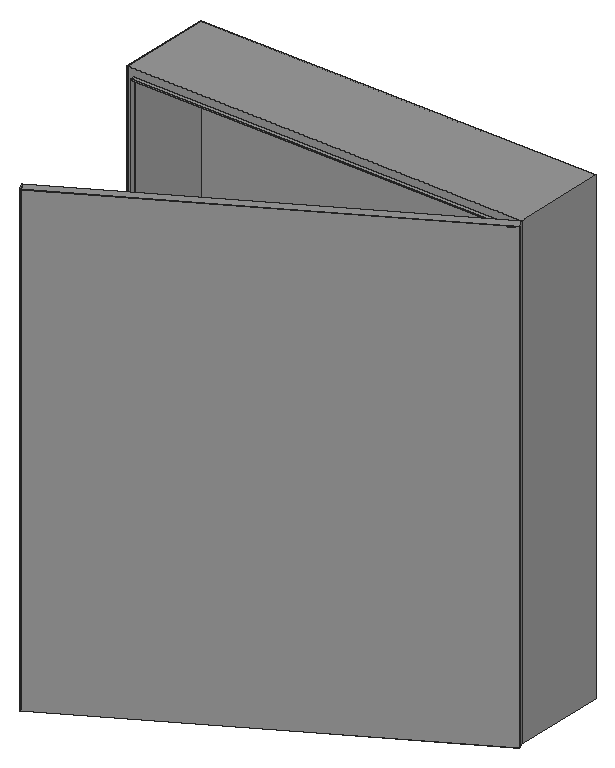
Revit family "Hager-Univers-IP44-D205-H950-Cl.I-Encl-NoHosted-AT-de", category Equipement électrique, Revit 2020
Family settings
  Configuration du panneau = Deux colonnes, circuits au sein
  Cote de connecteur circulaire = Utiliser le diamètre
  Type d'élément = Tableau de raccordement
  Basée sur le plan de construction = Oui
  Toujours verticalement = Oui
  Couper avec des vides une fois chargée = Non
  Partagée = Non
  Point de calcul de pièce = Non
Parameters (values of type "Aufputz IP44 B800 H950 T205  - FP63TN2")
  Width Control [instance] = if([EF000008 - Breite] > Min Width, [EF000008 - Breite], Min Width)  # 800 mm
  Commentaires du type = [HG000003 - Bereich]  # "Univers"
  Thickness Door [instance] = if([EF009171 - Materialstärke Tür/Deckel] > 3 mm, 3 mm, [EF009171 - Materialstärke Tür/Deckel])  # 1 mm
  Seal Frame Offset [instance] = 17 mm  # constant formula
  Plinth Visibility [instance] = [HG000027 - Sockelhöhe] > 0 mm  # no
  Min Width [instance] = 100 mm  # constant formula
  Min Depth [instance] = (2 * [EF009170 - Materialstärke Gehäuse]) + 1 mm  # 3 mm
  Min Height [instance] = 100 mm  # constant formula
  Internal Frame Depth [instance] = (Door System Depth * 0.5)  # 9 mm
  Panel Name [instance] = ""  # (empty or 0)
  Model = ""
  HG000027 - Sockelhöhe = 0 mm
  HG000026 - Stehend auf dem Boden = no
  HG000024 - Höhe des unteren Teils = 600 mm
  HG000023 - Gehäuse mit doppeltem Querschnitt = no
  HG000016 - 3D-Türsichtbarkeit [instance] = yes
  HG000015 - Sichtbarkeit der Türöffnung [instance] = no
  HG000014 - Tür rechts [instance] = yes
  HG000013 - Tür links [instance] = not([HG000014 - Tür rechts])  # no
  HG000012 - Türschwenkwinkel [instance] = 30.00°
  HG000010 - Asymmetrische Türen = no
  HG000009 - Doppelflügeligen Tür = no
  HG000006 - Unterputz = no
  HG000004 - Herstellerreferenz = "FP63TN2"
  HG000003 - Bereich = "Univers"
  HG000002 - Mit tür = yes
  Frame Offset Bottom [instance] = 10 mm  # constant formula
  Frame Offset [instance] = 15 mm  # constant formula
  EF015940 - Deckel mit Überdruckentlastung = no
  EF011959 - Schutzart (NEMA) = ""
  EF009554 - Anzahl der Öffnungen für Flanschplatten = 6
  EF009212 - Ausführung Deckel = "EV000116 - geschlossen"
  EF009171 - Materialstärke Tür/Deckel = 1 mm
  EF009170 - Materialstärke Gehäuse = 1 mm
  EF008873 - Nennstrom (In) = 250 A
  EF007800 - Geeignet für Blitzschutz = no
  EF006306 - Mit Schloss = no
  EF006244 - Transparenter Deckel/Tür = no
  EF005474 - Schutzart (IP) = "EV006418 - IP44"
  EF004464 - Art der Tür = "EV002646 - Einzel"
  EF004427 - Anzahl der Module = 216
  EF004293 - Schlagfestigkeit = "EV006815 - IK09"
  EF003532 - Geeignet für Außengebrauch = no
  EF002950 - Breite in Teilungseinheiten = 36
  EF001613 - Funktionserhalt = "EV000494 - ohne"
  EF001596 - Werkstoff des Gehäuses = "EV000179 - Stahl"
  EF001131 - Innentiefe = 130 mm
  EF001088 - Anbaumöglichkeit = yes
  EF000437 - Anzahl der Leitungseinführungen = 6
  EF000339 - Art der Abdeckung = "EV001012 - Deckel"
  EF000266 - Anzahl der Reihen = 6
  EF000218 - Einbautiefe = 205 mm
  EF000118 - Mit Montageplatte = no
  EF000116 - RAL-Nummer = "9010"
  EF000049 - Tiefe = 205 mm
  EF000040 - Höhe = 950 mm
  EF000008 - Breite = 800 mm
  EF000007 - Farbe = "EV000202 - weiß"
  EF000003 - Montageart = "EV000384 - Aufputz"
  Door System Leaf Tolerance [instance] = 1.5 mm  # constant formula
  Door System Depth [instance] = 18 mm  # constant formula
  Door Height [instance] = Height Control - [HG000027 - Sockelhöhe]  # 950 mm
  Description = ""
  Default Elevation = 1219.2 mm
  Connector Offset [instance] = Height Control / 2  # 475 mm
  Fabricant = "Hager"  # constant formula
  Height Control [instance] = if([EF000040 - Höhe] > Min Height, [EF000040 - Höhe], Min Height)  # 950 mm
  Depth Control [instance] = if([EF000049 - Tiefe] > Min Depth, [EF000049 - Tiefe], Min Depth)  # 205 mm
  Bottom Top Plate Trim [instance] = 1.5 mm  # constant formula
  Plinth height Ctrl [instance] = if([HG000027 - Sockelhöhe] > 0 mm, [HG000027 - Sockelhöhe], 12 mm)  # 12 mm
Types (4, lengths in mm): name | Width Control | HG000009 - Doppelflügeligen Tür | HG000004 - Herstellerreferenz | EF009554 - Anzahl der Öffnungen für Flanschplatten | EF004464 - Art der Tür | EF004427 - Anzahl der Module | EF002950 - Breite in Teilungseinheiten | EF000437 - Anzahl der Leitungseinführungen | EF000008 - Breite
  Aufputz IP44 B1050 H950 T205  - FP64TN2 | 1050 | yes | "FP64TN2" | 8 | "EV003602 - Doppel" | 288 | 48 | 8 | 1050
  Aufputz IP44 B300 H950 T205  - FP61TN2 | 300 | no | "FP61TN2" | 2 | "EV002646 - Einzel" | 72 | 12 | 2 | 300
  Aufputz IP44 B550 H950 T205  - FP62TN2 | 550 | no | "FP62TN2" | 4 | "EV002646 - Einzel" | 144 | 24 | 4 | 550
  Aufputz IP44 B800 H950 T205  - FP63TN2 | 800 | no | "FP63TN2" | 6 | "EV002646 - Einzel" | 216 | 36 | 6 | 800
Reference planes
  plane 1 "Center (Front/Back)": y = 0
  plane 2: z = 0
  plane 3 "Center (Left/Right)": x = 0
  plane 4: y = 0
  plane 5: y = 0
  plane 6: z = 0
  plane 7: x = -400
  plane 8: x = 400
  plane 9: x = 399
  plane 10: x = -399
  plane 11: z = 0
  plane 12: z = 1
  plane 13: y = -205
  plane 14: y = -1
  plane 15: x = 0
  plane 16: y = -187
  plane 17: y = -204
  plane 18: y = -186
  plane 19: x = -384
  plane 20: x = 384
  plane 21: z = 11
  plane 22: x = -383
  plane 23: x = 383
  plane 24: z = 0
  plane 25: z = 950
  plane 26: z = 950
  plane 27: z = 934
  plane 28: z = 949
Forms (mm)
  Extrusion 1, solid, material "Hager_Steel_RAL7035_Light_Grey", detail levels medium+fine
    sketch origin (-208.679, -4572, 0) x (-1, 0, 0) y (0, -1, 0)
      loop
        line (191.321, -4385) -> (-608.679, -4385) -> (-608.679, -4572) -> (191.321, -4572) -> (191.321, -4385)
    from 0 to 950
  Extrusion 2, void
    sketch origin (-350.771, -205, 1219.2) x (1, 0, 0) y (0, 0, 1)
      loop
        line (-48.229, -270.2) -> (-48.229, -1218.2) -> (749.771, -1218.2) -> (749.771, -270.2) -> (-48.229, -270.2)
    from -19 to -204
  Extrusion 3, void
    sketch origin (-290.084, -187, 1219.2) x (1, 0, 0) y (0, 0, 1)
      loop
        line (-93.916, -1208.2) -> (674.084, -1208.2) -> (674.084, -285.2) -> (-93.916, -285.2) -> (-93.916, -1208.2)
    from 0 to -1
  Extrusion 4, solid, material "Hager_Steel_RAL7035_Light_Grey", visible <- "Plinth Visibility", detail levels medium+fine
    sketch origin (0, 0, 0) x (1, 0, 0) y (0, 1, 0)
      loop
        line (-400, 0) -> (-400, -187) -> (400, -187) -> (400, 0) -> (-400, 0)
    from 0 to 12 <- "Plinth height Ctrl"
  Extrusion 5, solid, material "Hager_Steel_RAL7035_Light_Grey", detail levels coarse
    sketch origin (0, 0, 0) x (1, 0, 0) y (0, 1, 0)
      loop
        line (-400, 0) -> (-400, -205) -> (400, -205) -> (400, 0) -> (-400, 0)
    from 0 to 950 <- "Height Control"
  Sweep 6, void
    path in 3D
      loop
        line (-400, -187, 12) -> (400, -187, 12) -> (400, 0, 12) -> (-400, 0, 12) -> (-400, -187, 12)
    profile origin (-400, -93.5, 12) x (1, 0, 0) y (0, 0, 1)
      loop
        line (0, 0) -> (0, -1.5) -> (1.5, -1.5)
        arc (1.5, -1.5) -> (1.061, -0.439) -> (0, 0) r 1.5
  Extrusion 7, solid, material "Hager_Steel_RAL7035_Light_Grey", detail levels fine
    sketch origin (-400, -187, 0) x (1, 0, 0) y (0, 0, 1)
      loop
        line (16, 11) -> (784, 11) -> (784, 934) -> (16, 934) -> (16, 11)
      loop
        line (15, 10) -> (785, 10) -> (785, 935) -> (15, 935) -> (15, 10)
    from 0 to 9 <- "Internal Frame Depth"
Cuts and joins
  Extrusion 2, Extrusion 3 cuts Extrusion 1
  Sweep 6 cuts Extrusion 4
Lines and regions (mm)
  Masking region 1
    outline origin (0, 0, 0) x (1, 0, 0) y (0, 1, 0)
      loop
        line (-400, 0) -> (-400, -205) -> (400, -205) -> (400, 0) -> (-400, 0)
  Masking region 2, detail levels coarse
    outline origin (-290.084, -187, 1219.2) x (-1, 0, 0) y (0, 0, 1)
      loop
        line (-690.084, -1219.2) -> (109.916, -1219.2) -> (109.916, -269.2) -> (-690.084, -269.2) -> (-690.084, -1219.2)
  Masking region 3, detail levels coarse
    outline origin (0, 0, 0) x (0, 1, 0) y (0, 0, 1)
      loop
        line (0, 0) -> (0, 950) -> (-205, 950) -> (-205, 0) -> (0, 0)
  Masking region 4, visible <- "Plinth Visibility", detail levels medium+fine
    outline origin (0, 0, 0) x (0, 1, 0) y (0, 0, 1)
      loop
        line (-1.5, 12) -> (-185.5, 12)
        arc (-185.5, 12) -> (-185.939, 10.939) -> (-187, 10.5) r 1.5
        line (-187, 10.5) -> (-187, 0) -> (0, 0) -> (0, 10.5)
        arc (0, 10.5) -> (-1.061, 10.939) -> (-1.5, 12) r 1.5
  Masking region 5, detail levels medium+fine
    outline origin (0, 0, 594.038) x (0, 1, 0) y (0, 0, 1)
      loop
        line (0, -594.038) -> (0, 355.962) -> (-187, 355.962) -> (-187, -594.038) -> (0, -594.038)
  Masking region 6, detail levels medium+fine
    outline origin (-359.7, -187, 1211.883) x (-1, 0, 0) y (0, 0, 1)
      loop
        line (-759.7, -1211.883) -> (40.3, -1211.883) -> (40.3, -261.883) -> (-759.7, -261.883) -> (-759.7, -1211.883)
  Masking region 7, visible <- "Plinth Visibility", detail levels medium+fine
    outline origin (-320.334, -187, 1041.368) x (-1, 0, 0) y (0, 0, 1)
      loop
        line (-720.334, -1041.368) -> (79.666, -1041.368) -> (79.666, -1030.868)
        arc (79.666, -1030.868) -> (78.606, -1030.429) -> (78.166, -1029.368) r 1.5
        line (78.166, -1029.368) -> (-718.834, -1029.368)
        arc (-718.834, -1029.368) -> (-719.273, -1030.429) -> (-720.334, -1030.868) r 1.5
        line (-720.334, -1030.868) -> (-720.334, -1041.368)
  sketch lines
    curve 1: line (-400, 0, 12) -> (-400, -187, 12)
    curve 2: line (-400, -187, 12) -> (400, -187, 12)
    curve 3: line (400, 0, 12) -> (-400, 0, 12)
    curve 4: line (400, -187, 12) -> (400, 0, 12)
Dimensions and locks
  locked: plane 1 "Center (Front/Back)" to plane 5
  "EF009170 - Materialstärke Gehäuse": plane 7 to plane 10
  "EF009170 - Materialstärke Gehäuse": plane 8 to plane 9
  equal spacing: plane 7, plane 3 "Center (Left/Right)", plane 8
  "Width Control": plane 7 to plane 8
  "Depth Control": plane 4 to plane 13
  "EF009170 - Materialstärke Gehäuse": plane 4 to plane 14
  "Height Control": plane 25 to level
  "HG000027 - Sockelhöhe": plane 11 to level
  "EF009170 - Materialstärke Gehäuse": plane 12 to plane 11
  "EF009170 - Materialstärke Gehäuse": plane 17 to plane 13
  "EF009170 - Materialstärke Gehäuse": plane 18 to plane 16
  "Frame Offset Bottom": plane 21 to plane 12
  "Frame Offset": plane 10 to plane 19
  "Frame Offset": plane 9 to plane 20
  "Door System Depth": plane 16 to plane 13
  "Seal Frame Offset": plane 7 to plane 22
  "Seal Frame Offset": plane 8 to plane 23
  "EF009170 - Materialstärke Gehäuse": plane 26 to plane 28
  "Frame Offset": plane 28 to plane 27
  "Connector Offset": plane 2 to connector elem
  "Bottom Top Plate Trim": profile plane to Sweep 6 sketch curve
  "Bottom Top Plate Trim": Sweep 6 sketch curve to Sweep 6 sketch curve
  "Plinth height Ctrl": Masking region 4 sketch curve to level
  "Plinth height Ctrl": Masking region 7 sketch curve to level
  "Thickness Door": Extrusion 7 sketch curve to Extrusion 7 sketch curve  (x4)
  "Bottom Top Plate Trim": radius of Sweep 6 sketch curve
  "Bottom Top Plate Trim": radius of Masking region 4 sketch curve  (x2)
  "Bottom Top Plate Trim": radius of Masking region 7 sketch curve  (x2)
  aligned and locked: Extrusion 2 sketch curve to plane 12
  aligned and locked: Extrusion 2 sketch curve to plane 9
  aligned and locked: Extrusion 2 sketch curve to plane 10
  aligned and locked: Extrusion 2 to plane 14
  aligned and locked: Extrusion 1 sketch curve to plane 4
  aligned and locked: plane 8 to Extrusion 1 sketch curve
  aligned and locked: plane 7 to Extrusion 1 sketch curve
  aligned and locked: Extrusion 2 to plane 18
  aligned and locked: Extrusion 3 sketch curve to plane 19
  aligned and locked: plane 20 to Extrusion 3 sketch curve
  aligned and locked: Extrusion 3 to Extrusion 2
  aligned and locked: Extrusion 3 sketch curve to plane 21
  aligned and locked: plane 3 "Center (Left/Right)" to nested 1
  aligned and locked: Extrusion 1 sketch curve to plane 16
  aligned and locked: Extrusion 4 sketch curve to cut or joined group of Extrusion 1, Extrusion 2, Extrusion 3
  aligned and locked: Masking region 1 sketch curve to plane 7
  aligned and locked: Masking region 1 sketch curve to plane 5
  aligned and locked: Masking region 1 sketch curve to plane 8
  aligned and locked: Masking region 2 sketch curve to level
  aligned and locked: level to Masking region 3 sketch curve
  aligned and locked: plane 1 "Center (Front/Back)" to Masking region 3 sketch curve
  aligned and locked: plane 13 to Masking region 3 sketch curve
  aligned and locked: plane 5 to Masking region 4 sketch curve
  aligned and locked: Masking region 2 sketch curve to plane 8
  aligned and locked: Masking region 2 sketch curve to plane 7
  aligned and locked: plane 7 to nested 2
  aligned and locked: nested 2 to plane 5
  aligned and locked: plane 5 to Masking region 5 sketch curve
  aligned and locked: plane 26 to Masking region 5 sketch curve
  aligned and locked: Extrusion 5 sketch curve to plane 8
  aligned and locked: Extrusion 5 sketch curve to plane 7
  aligned and locked: Extrusion 5 sketch curve to plane 5
  aligned and locked: Extrusion 3 sketch curve to plane 27
  aligned and locked: Extrusion 2 sketch curve to plane 28
  aligned and locked: Masking region 2 to plane 25
  aligned and locked: Extrusion 4 to plane 16
  aligned and locked: profile plane to Sweep 6 sketch curve
  aligned and locked: Masking region 5 sketch curve to plane 24
  aligned and locked: level to Masking region 4 sketch curve
  aligned and locked: Masking region 1 to plane 13
  aligned and locked: nested 1 to plane 16
  aligned and locked: Masking region 3 to plane 25
  aligned and locked: plane 16 to Masking region 4 sketch curve
  aligned and locked: Masking region 5 sketch curve to plane 16
  aligned and locked: plane 24 to plane 11
  aligned and locked: plane 26 to plane 25
  aligned and locked: plane 26 to cut or joined group of Extrusion 1, Extrusion 2, Extrusion 3
  aligned and locked: nested 1 to plane 24
  aligned and locked: Extrusion 1 to Extrusion 3
  aligned and locked: Masking region 6 sketch curve to plane 8
  aligned and locked: Masking region 6 sketch curve to plane 24
  aligned and locked: Masking region 6 sketch curve to plane 7
  aligned and locked: Masking region 6 sketch curve to plane 26
  aligned and locked: Masking region 7 sketch curve to plane 7
  aligned and locked: level to Masking region 7 sketch curve
  aligned and locked: Masking region 7 sketch curve to plane 8
  aligned and locked: Extrusion 7 sketch curve to cut or joined group of Extrusion 1, Extrusion 2, Extrusion 3  (x4)
Automatic sketch dimensions
  plane 19 to Extrusion 3 sketch curve = 0 mm
  Extrusion 3 sketch curve to plane 20 = 0 mm
  Extrusion 3 sketch curve to plane 21 = 0 mm
  Extrusion 4 sketch curve to plane 7 = 0 mm
  Extrusion 4 sketch curve to plane 8 = 0 mm
  Extrusion 4 sketch curve to plane 16 = 0 mm
  Masking region 1 sketch curve to plane 13 = 0 mm
  Masking region 2 sketch curve to plane 25 = 0 mm
  Masking region 3 sketch curve to plane 25 = 0 mm
  Extrusion 5 sketch curve to plane 13 = 0 mm
  profile plane to Sweep 6 sketch curve = 0 mm
Nested families
  nested 1: "EC000058_Univers_Door" at (0, -187, 0), Double <- "HG000009 - Doppelflügeligen Tür", Transparent <- "EF006244 - Transparenter Deckel/Tür", Angle <- "HG000012 - Türschwenkwinkel", Door_Right <- "HG000014 - Tür rechts", Assymetrical <- "HG000010 - Asymmetrische Türen", Door <- "HG000002 - Mit tür", Width_Ctrl <- "Width Control", 3d_Door <- "HG000016 - 3D-Türsichtbarkeit", Clearance <- "HG000015 - Sichtbarkeit der Türöffnung", Door_Left <- "HG000013 - Tür links", Width <- "Width Control", Door_Depth <- "Door System Depth", Leaf_Tolerance <- "Door System Leaf Tolerance", Height <- "Door Height", Lock_Visibility <- "EF006306 - Mit Schloss", Thickness <- "Thickness Door", type "EC000058_Univers_Door", detail levels medium+fine
    with min_wh 3 mm, Width_Ctrl 800 mm, Width 800 mm, Transparent no, Thickness 1 mm, Seal_Material Hager_Rubber, Lock_Visibility no, Lock_Material Hager_Plastic_RAL9005_Jet_Black, Leaf_Width 800 mm, Leaf_Tolerance_External_Sides 0 mm, Leaf_Tolerance 1.5 mm, Leaf_Offset 0 mm, Leaf_Height 947 mm, Leaf_2_Width 800 mm, Leaf_2_Offset 400 mm, Leaf_1_Width 800 mm, Leaf_1_Offset 400 mm, Height_Ctrl 950 mm, Height 950 mm, Glass_Material Hager_Glass, Double_Clearance_Ctrl no, Double no, Door_Right_Ctrl yes, Door_Right yes, Door_Material Hager_Steel_RAL7035_Light_Grey, Door_Left_Ctrl no, Door_Left no, Door_Depth 18 mm, Door yes, Clearance_Material Hager_Clearance, Clearance_Depth 800 mm, Clearance_Ctrl no, Clearance no, Assymetrical no, Angle 30.00°, 3d_Door yes
  nested 2: "Hager_Enclosure_Symbol" at (-400, 0, 0), Height <- "Depth Control", Width <- "Width Control", type "Hager_Enclosure_Symbol"
    with Width_Ctrl 800 mm, Width 800 mm, Height_Ctrl 205 mm, Height 205 mm, A_Width_Int 13.453 mm, A_Width 161.438 mm, A_Height_Ctrl 179.375 mm, A_Height 179.375 mm
Connectors
  electrical at (0, 0, 475)
    settings: on plane 1 "Center (Front/Back)", index 1, voltage 0 V, apparent load 0 VA, apparent load phase1 0 VA, apparent load phase2 0 VA, apparent load phase3 0 VA, power factor 1, load classification "Other", number of poles 1, system type 30, power factor state 1, is connector primary yes, connector utility no, sub classification motor no, connector description ""
Definition of nested family "EC000058_Univers_Door"
  Parameters (values of type "EC000058_Univers_Door")
    min_wh [instance] = (2 * Thickness) + 1 mm  # 11 mm
    Width_Ctrl [instance] = 400 mm
    Width [instance] = 500 mm
    Transparent [instance] = yes
    Thickness [instance] = 5 mm
    Seal_Material [instance] = none
    Lock_Visibility [instance] = yes
    Lock_Material [instance] = none
    Leaf_Width [instance] = if((Width_Ctrl - 2 * Leaf_Tolerance_External_Sides) > 0 mm, (Width_Ctrl - 2 * Leaf_Tolerance_External_Sides), min_wh)  # 400 mm
    Leaf_Tolerance_External_Sides [instance] = 0 mm  # constant formula
    Leaf_Tolerance [instance] = 1.5 mm
    Leaf_Offset [instance] = 0 mm  # constant formula
    Leaf_Height [instance] = if((Height_Ctrl - 2 * Leaf_Tolerance) > 0 mm, (Height_Ctrl - 2 * Leaf_Tolerance), min_wh)  # 497 mm
    Leaf_2_Width [instance] = if(and(and(Double, Assymetrical), Door_Left), (Leaf_Width / 3) - (Leaf_Tolerance / 2), if(and(and(Double, Assymetrical), Door_Right), (Leaf_Width / 3) * 2 - (Leaf_Tolerance / 2), if(and(Double, not(Assymetrical)), (Leaf_Width / 2) - Leaf_Tolerance, Leaf_Width)))  # 400 mm
    Leaf_2_Offset [instance] = if(and(Double, Assymetrical), Leaf_2_Width / 2, if(and(Double, not(Assymetrical)), Leaf_Width / 4, Leaf_Width / 2))  # 200 mm
    Leaf_1_Width [instance] = if(and(and(Double, Assymetrical), Door_Right), (Leaf_Width / 3) - (Leaf_Tolerance / 2), if(and(and(Double, Assymetrical), Door_Left), (Width / 3) * 2 - (Leaf_Tolerance / 2), if(and(Double, not(Assymetrical)), (Leaf_Width / 2) - Leaf_Tolerance, Leaf_Width)))  # 400 mm
    Leaf_1_Offset [instance] = if(and(Double, Assymetrical), Leaf_1_Width / 2, if(and(Double, not(Assymetrical)), Leaf_Width / 4, Leaf_Width / 2))  # 200 mm
    Height_Ctrl [instance] = if(Height > min_wh, Height, min_wh)  # 500 mm
    Height [instance] = 500 mm
    Glass_Material [instance] = none
    Double_Clearance_Ctrl [instance] = and(Double, Clearance)  # no
    Double [instance] = no
    Door_Right_Ctrl [instance] = and(or(Door_Right, Double), Door)  # yes
    Door_Right [instance] = yes
    Door_Material [instance] = none
    Door_Left_Ctrl [instance] = and(or(Door_Left, Double), Door)  # no
    Door_Left [instance] = no
    Door_Depth [instance] = 30 mm
    Door [instance] = yes
    Default Elevation = 1219.2 mm
    Clearance_Material [instance] = none
    Clearance_Depth [instance] = if(Leaf_1_Width > Leaf_2_Width, Leaf_1_Width, Leaf_2_Width)  # 400 mm
    Clearance_Ctrl [instance] = and(not(Double), Clearance)  # yes
    Clearance [instance] = yes
    Assymetrical [instance] = yes
    Angle [instance] = 30.00°
    3d_Door [instance] = yes
  Reference planes
    plane 1 "Center (Front/Back)": y = 0
    plane 2 "Bottom": z = 0
    plane 3 "Center (Left/Right)": x = 0
    plane 4: z = 500
    plane 5: x = -200
    plane 6: x = 200
    plane 7: z = 500
    plane 8: x = -200
    plane 9: z = 0
    plane 10: x = 200
    plane 11: y = 0
    plane 12: z = 1.5
    plane 13: x = -600
    plane 14: y = -400
    plane 15: x = 600
    plane 16: x = 0
    plane 17: x = 0
    plane 18: x = -200
    plane 19: x = 200
    plane 20: z = 498.5
  Forms (mm)
    Extrusion 1, solid, material <- "Clearance_Material", visible <- "Double_Clearance_Ctrl"
      sketch origin (1200, 0, 0) x (1, 0, 0) y (0, 0, -1)
        loop
          line (-1800, -498.5) -> (-600, -498.5) -> (-600, 0) -> (-1800, 0) -> (-1800, -498.5)
      from 0 to -400
  Dimensions and locks
    equal spacing: plane 5, plane 3 "Center (Left/Right)", plane 6
    "Width_Ctrl": plane 5 to plane 6
    "Leaf_Offset": plane 5 to plane 8
    "Leaf_Offset": plane 6 to plane 10
    "Leaf_Offset": plane 9 to level
    "Leaf_Offset": plane 4 to plane 7
    "Height_Ctrl": plane 4 to level
    "Leaf_Tolerance": plane 12 to plane 9
    locked: plane 11 to plane 1 "Center (Front/Back)"
    "Leaf_1_Offset": plane 18 to plane 16
    "Leaf_2_Offset": plane 17 to plane 19
    "Leaf_1_Width": plane 13 to plane 8
    "Leaf_2_Width": plane 10 to plane 15
    "Clearance_Depth": plane 14 to plane 1 "Center (Front/Back)"
    "Leaf_Tolerance_External_Sides": plane 8 to plane 18
    "Leaf_Tolerance_External_Sides": plane 19 to plane 10
    "Leaf_Tolerance": plane 7 to plane 20
    aligned and locked: level to plane 2 "Bottom"
    aligned and locked: nested 1 to plane 16
    aligned and locked: nested 2 to plane 17
    aligned and locked: Extrusion 1 to plane 13
    aligned and locked: plane 15 to Extrusion 1
    aligned and locked: Extrusion 1 to plane 14
    aligned and locked: plane 12 to nested 1
    aligned and locked: nested 2 to plane 12
    aligned and locked: Extrusion 1 to plane 11
    aligned and locked: plane 20 to Extrusion 1
    aligned and locked: nested 2 to plane 11
    aligned and locked: nested 1 to plane 11
  Automatic sketch dimensions
    Extrusion 1 sketch curve to level = 0 mm
    plane 5 to Extrusion 1 sketch curve = 400 mm
    plane 6 to Extrusion 1 sketch curve = 400 mm
    Extrusion 1 sketch curve to plane 4 = 1.5 mm
  Nested families
    nested 1: "EC000058_Univers_Door_Leaf" at (0, 0, 1.5), Width <- "Leaf_1_Width", visible <- "Door_Left_Ctrl", Leaf_Height <- "Leaf_Height", Angle <- "Angle", 3d_Door <- "3d_Door", Transparent <- "Transparent", Clearance Material <- "Clearance_Material", Clearance <- "Clearance_Ctrl", Door_Material <- "Door_Material", Glass_Material <- "Glass_Material", Door_Depth <- "Door_Depth", Lock_Material <- "Lock_Material", Seal_Material <- "Seal_Material", Lock_Visibility <- "Lock_Visibility", Thickness <- "Thickness", type "EC000058_Univers_Door_Leaf"
      with Width 400 mm, Transparent_Glass_Offset 30 mm, Transparent_Ctrl yes, Transparent yes, Thickness 5 mm, Standard no, Seal_Material none, Seal_D2 8 mm, Seal_D1 1 mm, Offset_Internal_Frame 10 mm, Lock_Width 20 mm, Lock_Visibility_3d yes, Lock_Visibility yes, Lock_Thickness_3 3 mm, Lock_Thickness_2 1 mm, Lock_Thickness_1 3 mm, Lock_Radius_Offset_2 16 mm, Lock_Radius_Offset_1 15 mm, Lock_Radius_2 5 mm, Lock_Radius 6 mm, Lock_Offset 5 mm, Lock_Material none, Lock_Height 80 mm, Lock_Cover_Top_Offset_2d 17 mm, Lock_Cover_Height -65 mm, Leaf_Height 497 mm, Internal_Seal_Thickness 8 mm, Internal_Seal_Depth_2 4.5 mm, Internal_Frame_Depth 25 mm, Glass_Thickness -1 mm, Glass_Offset -2 mm, Glass_Material none, Door_Material none, Door_Depth 30 mm, Clearance Material none, Clearance yes, Angle_Ctrl 30.00°, Angle 30.00°, 3d_Door yes
    nested 2: "EC000058_Univers_Door_Leaf" at (0, 0, 1.5) x (-1, 0, 0) z (0, 0, 1), Width <- "Leaf_2_Width", visible <- "Door_Right_Ctrl", Leaf_Height <- "Leaf_Height", Angle <- "Angle", 3d_Door <- "3d_Door", Transparent <- "Transparent", Clearance Material <- "Clearance_Material", Clearance <- "Clearance_Ctrl", Door_Material <- "Door_Material", Glass_Material <- "Glass_Material", Door_Depth <- "Door_Depth", Lock_Material <- "Lock_Material", Seal_Material <- "Seal_Material", Lock_Visibility <- "Lock_Visibility", Thickness <- "Thickness", type "EC000058_Univers_Door_Leaf"
      with Width 400 mm, Transparent_Glass_Offset 30 mm, Transparent_Ctrl yes, Transparent yes, Thickness 5 mm, Standard no, Seal_Material none, Seal_D2 8 mm, Seal_D1 1 mm, Offset_Internal_Frame 10 mm, Lock_Width 20 mm, Lock_Visibility_3d yes, Lock_Visibility yes, Lock_Thickness_3 3 mm, Lock_Thickness_2 1 mm, Lock_Thickness_1 3 mm, Lock_Radius_Offset_2 16 mm, Lock_Radius_Offset_1 15 mm, Lock_Radius_2 5 mm, Lock_Radius 6 mm, Lock_Offset 5 mm, Lock_Material none, Lock_Height 80 mm, Lock_Cover_Top_Offset_2d 17 mm, Lock_Cover_Height -65 mm, Leaf_Height 497 mm, Internal_Seal_Thickness 8 mm, Internal_Seal_Depth_2 4.5 mm, Internal_Frame_Depth 25 mm, Glass_Thickness -1 mm, Glass_Offset -2 mm, Glass_Material none, Door_Material none, Door_Depth 30 mm, Clearance Material none, Clearance yes, Angle_Ctrl 30.00°, Angle 30.00°, 3d_Door yes
  Definition of nested family "EC000058_Univers_Door_Leaf"
    Parameters (values of type "EC000058_Univers_Door_Leaf")
      Width [instance] = 2000 mm
      Transparent_Glass_Offset [instance] = 30 mm
      Transparent_Ctrl [instance] = and(Transparent, [3d_Door])  # yes
      Transparent [instance] = yes
      Thickness [instance] = 5 mm
      Standard [instance] = and(not(Transparent), [3d_Door])  # no
      Seal_Material [instance] = none
      Seal_D2 [instance] = 8 mm  # constant formula
      Seal_D1 [instance] = 1 mm  # constant formula
      Offset_Internal_Frame [instance] = 10 mm  # constant formula
      Lock_Width [instance] = 20 mm  # constant formula
      Lock_Visibility_3d [instance] = and(Lock_Visibility, [3d_Door])  # yes
      Lock_Visibility [instance] = yes
      Lock_Thickness_3 [instance] = 3 mm  # constant formula
      Lock_Thickness_2 [instance] = 1 mm  # constant formula
      Lock_Thickness_1 [instance] = 3 mm  # constant formula
      Lock_Radius_Offset_2 [instance] = Lock_Radius_Offset_1 + 1 mm  # 16 mm
      Lock_Radius_Offset_1 [instance] = 15 mm  # constant formula
      Lock_Radius_2 [instance] = Lock_Radius - 1 mm  # 5 mm
      Lock_Radius [instance] = 6 mm  # constant formula
      Lock_Offset [instance] = 5 mm  # constant formula
      Lock_Material [instance] = none
      Lock_Height [instance] = 80 mm  # constant formula
      Lock_Cover_Top_Offset_2d [instance] = Lock_Radius_Offset_2 + 1 mm  # 17 mm
      Lock_Cover_Height [instance] = -(Lock_Height - Lock_Radius_Offset_1)  # -65 mm
      Leaf_Height [instance] = 2720.336 mm
      Internal_Seal_Thickness [instance] = 8 mm  # constant formula
      Internal_Seal_Depth_2 [instance] = 4.5 mm  # constant formula
      Internal_Frame_Depth [instance] = if(Door_Depth - Thickness > 5 mm, Door_Depth - Thickness, 5 mm)  # 25 mm
      Glass_Thickness [instance] = if(Thickness > 15 mm, Glass_Offset + 10 mm, -1 mm)  # -1 mm
      Glass_Offset [instance] = if(Thickness > 15 mm, -(Thickness + 10 mm) / 2, -2 mm)  # -2 mm
      Glass_Material [instance] = none
      Door_Material [instance] = none
      Door_Depth [instance] = 30 mm
      Default Elevation = 0 mm
      Clearance Material [instance] = none
      Clearance [instance] = yes
      Angle_Ctrl [instance] = if(Angle > 180.00°, 180.00°, Angle)  # 90.00°
      Angle [instance] = 90.00°
      3d_Door [instance] = yes
    Reference planes
      plane 1 "Center (Front/Back)": y = 0
      plane 2: z = 0
      plane 3 "Center (Left/Right)": x = 0
      plane 4: y = 2000
      plane 5: x = -1000
      plane 6: x = 1000
      plane 7: x = -3000
      plane 8: z = 2720.336
      plane 9: z = 30
      plane 10: z = 2690.336
      plane 11: x = 970
      plane 12: x = -970
      plane 13: y = -3
      plane 14: z = 107.833
      plane 15: y = -5
      plane 16: y = -223.314
      plane 17: x = -1000
      plane 18: z = 1360.168
      plane 19: y = 30
    Forms (mm)
      Extrusion 1, solid, material <- "Clearance Material", visible <- "Clearance"
        sketch origin (0, 0, 0) x (1, 0, 0) y (0, 0, 1)
          loop
            line (-3000, 2720.336) -> (-3000, 0) -> (1000, 0) -> (1000, 2720.336) -> (-3000, 2720.336)
        from 0 to -2000
      Extrusion 2, solid, material <- "Door_Material", visible <- "Standard", detail levels medium+fine
        sketch origin (-1000, 0, 0) x (0, 1, 0) y (-1, 0, 0)
          loop
            line (0, 30) -> (0, 25) -> (2000, 25) -> (2000, 30) -> (0, 30)
        from 0 to 2720.336 <- "Leaf_Height"
      Extrusion 3, solid, material <- "Door_Material", visible <- "Transparent_Ctrl", detail levels medium+fine
        sketch origin (-1000, 0, 0) x (0, 1, 0) y (-1, 0, 0)
          loop
            line (0, 25) -> (2000, 25) -> (2000, 30) -> (0, 30) -> (0, 25)
        from 0 to 2720.336 <- "Leaf_Height"
      Extrusion 4, void
        sketch origin (-1025, 2000, 0) x (0, 1, 0) y (0, 0, -1)
          loop
            line (-30, -2690.336) -> (-30, -30) -> (-1970, -30) -> (-1970, -2690.336) -> (-30, -2690.336)
        from 0 to 5 <- "Thickness"
      Sweep 5, solid, material <- "Seal_Material", visible <- "Transparent_Ctrl", detail levels fine
        path in 3D
          loop
            line (-1025, 30, 30) -> (-1025, 30, 2690.336) -> (-1025, 1970, 2690.336) -> (-1025, 1970, 30) -> (-1025, 30, 30)
        profile origin (-1025, 1000, 30) x (1, 0, 0) y (0, 0, 1)
          loop
            line (0, 0) -> (0, -8) -> (1, -8) -> (1, 0) -> (0, 0)
      Extrusion 6, solid, material <- "Glass_Material", visible <- "Transparent_Ctrl", detail levels medium+fine
        sketch origin (-1030, 0, 0) x (0, 1, 0) y (0, 0, -1)
          loop
            line (1970, -2690.336) -> (1970, -30) -> (30, -30) -> (30, -2690.336) -> (1970, -2690.336)
        from -2 <- "Glass_Offset" to -1 <- "Glass_Thickness"
      Extrusion 7, solid, material <- "Door_Material", visible <- "3d_Door", detail levels medium+fine
        sketch origin (-1025, 2000, 0) x (0, -1, 0) y (0, 0, -1)
          loop
            line (0, -2720.336) -> (2000, -2720.336) -> (2000, 0) -> (0, 0) -> (0, -2720.336)
          loop
            line (1995, -5) -> (5, -5) -> (5, -2715.336) -> (1995, -2715.336) -> (1995, -5)
        from 0 to 25 <- "Internal_Frame_Depth"
      Sweep 8, solid, material <- "Seal_Material", visible <- "Transparent_Ctrl", detail levels fine
        path in 3D
          loop
            line (-1025, 0, 0) -> (-1025, 2000, 0) -> (-1025, 2000, 2720.336) -> (-1025, 0, 2720.336) -> (-1025, 0, 0)
        profile origin (-1025, 0, 1360.168) x (1, 0, 0) y (0, 1, 0)
          loop
            line (0, 10) -> (2.975, 10)
            arc (2.975, 10) -> (4.053, 10.447) -> (4.5, 11.525) r 1.525
            line (4.5, 11.525) -> (4.5, 16.527)
            arc (4.5, 16.527) -> (4.069, 17.569) -> (3.027, 18) r 1.473
            line (3.027, 18) -> (0, 18) -> (0, 10)
      Extrusion 9, solid, material <- "Lock_Material", visible <- "Lock_Visibility_3d", detail levels fine
        sketch origin (-1030, 0, 0) x (0, 1, 0) y (0, 0, -1)
          loop
            arc (1993.5, -1400.168) -> (1994.561, -1399.729) -> (1995, -1398.668) r 1.5
            line (1995, -1398.668) -> (1995, -1320.168) -> (1975, -1320.168) -> (1975, -1398.668)
            arc (1975, -1398.668) -> (1975.439, -1399.729) -> (1976.5, -1400.168) r 1.5
            line (1976.5, -1400.168) -> (1993.5, -1400.168)
        from 3 <- "Lock_Thickness_1" to 0
      Blend 10, solid, material <- "Lock_Material", visible <- "Lock_Visibility_3d", detail levels fine
        base sketch origin (-1033, 0, 0) x (0, 1, 0) y (0, 0, -1)
          loop
            line (1975, -1320.168) -> (1975, -1398.668)
            arc (1975, -1398.668) -> (1975.439, -1399.729) -> (1976.5, -1400.168) r 1.5
            line (1976.5, -1400.168) -> (1993.5, -1400.168)
            arc (1993.5, -1400.168) -> (1994.561, -1399.729) -> (1995, -1398.668) r 1.5
            line (1995, -1398.668) -> (1995, -1320.168) -> (1975, -1320.168)
        top sketch origin (-1033, 0, 0) x (0, 1, 0) y (0, 0, -1)
          loop
            line (1976, -1320.168) -> (1976, -1398.668)
            arc (1976, -1398.668) -> (1976.146, -1399.022) -> (1976.5, -1399.168) r 0.5
            line (1976.5, -1399.168) -> (1993.5, -1399.168)
            arc (1993.5, -1399.168) -> (1993.854, -1399.022) -> (1994, -1398.668) r 0.5
            line (1994, -1398.668) -> (1994, -1320.168) -> (1976, -1320.168)
        from 0 to 1 <- "Lock_Thickness_2"
      Blend 11, solid, material <- "Lock_Material", visible <- "Lock_Visibility_3d", detail levels fine
        base sketch origin (-1034, 0, 0) x (0, 1, 0) y (0, 0, -1)
          loop
            line (1978, -1320.168) -> (1978, -1384.168)
            arc (1978, -1384.168) -> (1985, -1391.168) -> (1992, -1384.168) r 7
            line (1992, -1384.168) -> (1992, -1320.168) -> (1978, -1320.168)
        top sketch origin (-1034, 0, 0) x (0, 1, 0) y (0, 0, -1)
          loop
            line (1991, -1320.168) -> (1979, -1320.168) -> (1979, -1383.168)
            arc (1979, -1383.168) -> (1985, -1389.168) -> (1991, -1383.168) r 6
            line (1991, -1383.168) -> (1991, -1320.168)
        from 0 to 3 <- "Lock_Thickness_3"
      Extrusion 12, solid, material <- "Lock_Material", visible <- "Lock_Visibility_3d", detail levels fine
        sketch origin (-1030, 1975, 1320.168) x (1, 0, 0) y (0, -1, 0)
          loop
            line (-7, -19) -> (-7, -1) -> (0, -1) -> (0, 0) -> (-8, 0) -> (-8, -20) -> (0, -20) -> (0, -19) -> (-7, -19)
        from 0 to -65 <- "Lock_Cover_Height"
      Extrusion 13, void
        sketch origin (-1038, 1995, 1320.168) x (-1, 0, 0) y (0, 0, -1)
          loop
            line (-5, -65) -> (0, -65) -> (-5, -60) -> (-5, -65)
        from 0 to 20 <- "Lock_Width"
      Extrusion 14, void
        sketch origin (-1038, 1975, 1320.168) x (0, -1, 0) y (0, 0, -1)
          loop
            circle (-10, -15.995) r 6
          loop
            circle (-10, -15.995) r 5
        from 0 to 2
      Extrusion 15, solid, material <- "Lock_Material", visible <- "Lock_Visibility_3d", detail levels medium
        sketch origin (-1030, 0, 0) x (0, 1, 0) y (0, 0, -1)
          loop
            arc (1993.5, -1400.168) -> (1994.561, -1399.729) -> (1995, -1398.668) r 1.5
            line (1995, -1398.668) -> (1995, -1320.168) -> (1975, -1320.168) -> (1975, -1398.668)
            arc (1975, -1398.668) -> (1975.439, -1399.729) -> (1976.5, -1400.168) r 1.5
            line (1976.5, -1400.168) -> (1993.5, -1400.168)
        from 8 to 0
    Cuts and joins
      Extrusion 4 cuts Extrusion 3
      Extrusion 13, Extrusion 14 cuts Extrusion 9
      Extrusion 14 cuts Blend 11
      Extrusion 13, Extrusion 14 cuts Extrusion 12
      joined: Extrusion 9, Blend 10, Blend 11, Extrusion 12
      Extrusion 14 cuts Extrusion 15
    Lines and regions (mm)
      Masking region 1, visible <- "Lock_Visibility", detail levels fine
        outline origin (0, 0, 0) x (0, 1, 0) y (0, 0, 1)
          loop
            line (30, 1320.168) -> (33, 1320.168) -> (33, 1400.168) -> (30, 1400.168) -> (30, 1320.168)
      Masking region 2, visible <- "Lock_Visibility", detail levels fine
        outline origin (0, 3.143, 0) x (0, 1, 0) y (0, 0, 1)
          loop
            line (29.857, 1354.168) -> (30.857, 1354.168) -> (30.857, 1366.168) -> (29.857, 1366.168) -> (29.857, 1354.168)
      Masking region 3, detail levels medium+fine
        outline origin (0, 0, 0) x (0, 1, 0) y (0, 0, 1)
          loop
            line (0, 0) -> (30, 0) -> (30, 2720.336) -> (0, 2720.336) -> (0, 0)
      Masking region 4, detail levels medium+fine
        outline origin (0, 0, 0) x (1, 0, 0) y (0, 0, 1)
          loop
            line (-1000, 2720.336) -> (-1000, 0) -> (1000, 0) -> (1000, 2720.336) -> (-1000, 2720.336)
      Masking region 5, visible <- "Lock_Visibility", detail levels fine
        outline origin (-47.116, 0, 0) x (1, 0, 0) y (0, 0, 1)
          loop
            arc (1024.616, 1399.168) -> (1023.556, 1398.729) -> (1023.116, 1397.668) r 1.5
            line (1023.116, 1397.668) -> (1023.116, 1320.168) -> (1041.116, 1320.168) -> (1041.116, 1397.668)
            arc (1041.116, 1397.668) -> (1040.677, 1398.729) -> (1039.616, 1399.168) r 1.5
            line (1039.616, 1399.168) -> (1024.616, 1399.168)
      Masking region 6, visible <- "Lock_Visibility", detail levels medium+fine
        outline origin (-25, 0, 0) x (1, 0, 0) y (0, 0, 1)
          loop
            arc (1001.5, 1400.168) -> (1000.439, 1399.729) -> (1000, 1398.668) r 1.5
            line (1000, 1398.668) -> (1000, 1320.168) -> (1020, 1320.168) -> (1020, 1398.668)
            arc (1020, 1398.668) -> (1019.561, 1399.729) -> (1018.5, 1400.168) r 1.5
            line (1018.5, 1400.168) -> (1001.5, 1400.168)
      Masking region 7, visible <- "Lock_Visibility", detail levels fine
        outline origin (-73.735, 0, 0) x (1, 0, 0) y (0, 0, 1)
          loop
            line (1051.735, 1382.168) -> (1065.735, 1382.168) -> (1065.735, 1384.168)
            arc (1065.735, 1384.168) -> (1058.735, 1391.168) -> (1051.735, 1384.168) r 7
            line (1051.735, 1384.168) -> (1051.735, 1382.168)
      Masking region 8, visible <- "Lock_Visibility", detail levels fine
        outline origin (-73.735, 0, 0) x (1, 0, 0) y (0, 0, 1)
          loop
            line (1052.735, 1382.168) -> (1064.735, 1382.168) -> (1064.735, 1383.168)
            arc (1064.735, 1383.168) -> (1058.735, 1389.168) -> (1052.735, 1383.168) r 6
            line (1052.735, 1383.168) -> (1052.735, 1382.168)
      Masking region 9, visible <- "Lock_Visibility", detail levels fine
        outline origin (-25, 0, 0) x (1, 0, 0) y (0, 0, 1)
          loop
            line (1020, 1320.168) -> (1020, 1382.168) -> (1000, 1382.168) -> (1000, 1320.168) -> (1020, 1320.168)
      Masking region 10, detail levels medium+fine
        outline origin (0, 0, 0) x (1, 0, 0) y (0, 0, 1)
          loop
            circle (985, 1335.144) r 6
      Masking region 11, detail levels fine
        outline origin (0, 0, 0) x (1, 0, 0) y (0, 0, 1)
          loop
            circle (985, 1335.144) r 5
      Masking region 12, visible <- "Lock_Visibility", detail levels fine
        outline origin (0, 12.767, 0) x (0, 1, 0) y (0, 0, 1)
          loop
            line (20.233, 1320.168) -> (21.233, 1320.168) -> (21.233, 1399.168) -> (20.233, 1400.168) -> (20.233, 1320.168)
      Masking region 13, visible <- "Lock_Visibility", detail levels fine
        outline origin (0, 13.767, -10) x (0, 1, 0) y (0, 0, 1)
          loop
            line (20.233, 1330.168) -> (23.233, 1330.168) -> (23.233, 1399.168) -> (20.233, 1402.168) -> (20.233, 1330.168)
      Masking region 14, visible <- "Lock_Visibility", detail levels fine
        outline origin (0, 12.767, -10) x (0, 1, 0) y (0, 0, 1)
          loop
            line (20.233, 1330.168) -> (25.233, 1330.168) -> (25.233, 1399.305) -> (20.233, 1394.305) -> (20.233, 1330.168)
      Masking region 15, visible <- "Lock_Visibility", detail levels medium
        outline origin (0, 0, 0) x (0, 1, 0) y (0, 0, 1)
          loop
            line (30, 1320.168) -> (38, 1320.168) -> (38, 1400.168) -> (30, 1400.168) -> (30, 1320.168)
      Masking region 16, visible <- "Lock_Visibility", detail levels fine
        outline origin (-1000, 0, 0) x (0, 1, 0) y (-1, 0, 0)
          loop
            line (1975, 30) -> (1995, 30) -> (1995, 38) -> (1975, 38) -> (1975, 30)
          loop
            line (1979, 37) -> (1976, 37) -> (1976, 34) -> (1978, 34) -> (1979, 37)
          loop
            line (1994, 37) -> (1991, 37) -> (1992, 34) -> (1994, 34) -> (1994, 37)
      Masking region 17, visible <- "Lock_Visibility", detail levels medium
        outline origin (-1000, 0, 0) x (0, 1, 0) y (-1, 0, 0)
          loop
            line (1975, 30) -> (1995, 30) -> (1995, 38) -> (1975, 38) -> (1975, 30)
      symbolic lines
        curve 1: line (1000, 0, 0) -> (-3000, 0, 0)
        curve 2: arc (1000, 0, 0) -> (-1000, 2000, 0) -> (-3000, 0, 0) r 2000
        curve 4: line (-1030, 0, 0) -> (-1030, 2000, 0)
      reference lines
        curve 3: line (-1000, 0, 0) -> (-1000, 2000, 0)
      symbolic lines, detail levels medium+fine
        curve 5: line (-1030, 2000, 0) -> (-1025, 2000, 0)
        curve 7: line (-1025, 0, 0) -> (-1030, 0, 0)
        curve 8: line (-1025, 0, 0) -> (-1000, 0, 0)
        curve 9: line (-1000, 0, 0) -> (-1000, 2000, 0)
        curve 10: line (-1000, 2000, 0) -> (-1025, 2000, 0)
      symbolic lines, detail levels fine
        curve 6: line (-1025, 2000, 0) -> (-1025, 0, 0)
      sketch lines
        curve 11: line (-1025, 0, 2720.336) -> (-1025, 0, 0)
        curve 12: line (-1025, 2000, 0) -> (-1025, 0, 0)
        curve 13: line (-1025, 2000, 2720.336) -> (-1025, 2000, 0)
        curve 14: line (-1025, 0, 2720.336) -> (-1025, 2000, 2720.336)
        curve 15: line (-1025, 1970, 30) -> (-1025, 30, 30)
        curve 16: line (-1025, 30, 30) -> (-1025, 30, 2690.336)
        curve 17: line (-1025, 1970, 2690.336) -> (-1025, 1970, 30)
        curve 18: line (-1025, 30, 2690.336) -> (-1025, 1970, 2690.336)
      symbolic lines, visible <- "Transparent", detail levels medium+fine
        curve 19: line (-970, 0, 2690.336) -> (970, 0, 2690.336)
        curve 20: line (-970, 0, 30) -> (-970, 0, 2690.336)
        curve 21: line (970, 0, 30) -> (-970, 0, 30)
        curve 22: line (970, 0, 2690.336) -> (970, 0, 30)
    Dimensions and locks
      "Width": plane 1 "Center (Front/Back)" to plane 4
      equal spacing: plane 5, plane 3 "Center (Left/Right)", plane 6
      "Width": plane 5 to plane 6
      "Width": plane 7 to plane 5
      "Leaf_Height": plane 8 to level
      "Width": curve 5 to curve 3
      "Width": curve 3 to curve 3
      plane 8 to plane 10 = 30 mm
      plane 9 to level = 30 mm
      plane 12 to plane 5 = 30 mm
      plane 6 to plane 11 = 30 mm
      Extrusion 1 to Extrusion 4 sketch curve = 30 mm
      "Transparent_Glass_Offset": curve 3 to Extrusion 4 sketch curve
      "Transparent_Glass_Offset": Extrusion 4 sketch curve to cut or joined group of Extrusion 3, Extrusion 4  (x2)
      cut or joined group of Extrusion 3, Extrusion 4 to Extrusion 6 sketch curve = 30 mm
      "Transparent_Glass_Offset": cut or joined group of Extrusion 3, Extrusion 4 to Extrusion 4 sketch curve
      "Thickness": curve 6 to curve 4
      "Thickness": Extrusion 7 sketch curve to Extrusion 7 sketch curve  (x4)
      "Door_Depth": curve 4 to curve 3
      "Offset_Internal_Frame": profile plane to Sweep 8 sketch curve
      "Internal_Seal_Thickness": Sweep 8 sketch curve to Sweep 8 sketch curve
      "Internal_Seal_Depth_2": profile plane to Sweep 8 sketch curve
      "Seal_D1": profile plane to Sweep 5 sketch curve
      "Seal_D2": profile plane to Sweep 5 sketch curve
      "Thickness": Extrusion 2 sketch curve to Extrusion 2 sketch curve
      equal spacing: Extrusion 9 sketch curve, plane 18, Extrusion 9 sketch curve  (x2)
      equal spacing: Masking region 1 sketch curve, plane 18, Masking region 1 sketch curve
      "Lock_Height": Masking region 1 sketch curve to Masking region 1 sketch curve
      "Lock_Radius": Masking region 2 sketch curve to plane 18 to Masking region 2 sketch curve
      Masking region 2 sketch curve to Masking region 1 = 1 mm
      "Door_Depth": plane 19 to plane 1 "Center (Front/Back)"
      "Lock_Thickness_1": Masking region 1 sketch curve to plane 19
      "Lock_Width": Extrusion 9 sketch curve to Extrusion 9 sketch curve
      "Lock_Height": Extrusion 9 sketch curve to Extrusion 9 sketch curve
      "Lock_Offset": cut or joined group of Extrusion 3, Extrusion 4 to Extrusion 9 sketch curve
      equal spacing: plane 8, plane 18, level
      "Lock_Radius_Offset_1": Blend 11 sketch curve to Blend 10
      locked: Blend 10 to Blend 11 sketch curve at 2  (x2)
      locked: var sketch to Blend 11 sketch curve at 1  (x2)
      "Lock_Radius_Offset_2": Blend 11 sketch curve to Blend 10
      locked: Extrusion 12 sketch curve to Extrusion 12 sketch curve at 1  (x3)
      Masking region 6 sketch curve to Masking region 6 sketch curve = 80 mm
      "Lock_Height": Masking region 6 sketch curve to Masking region 6 sketch curve
      "Lock_Width": Masking region 6 sketch curve to Masking region 6 sketch curve
      locked: Masking region 6 to Masking region 5 sketch curve at 1  (x3)
      locked: Masking region 5 to Masking region 7 sketch curve at 2  (x2)
      "Lock_Radius_Offset_1": Masking region 5 to Masking region 7 sketch curve
      "Lock_Radius_Offset_2": Masking region 5 to Masking region 8 sketch curve
      locked: Masking region 7 to Masking region 8 sketch curve at 1  (x2)
      "Lock_Cover_Top_Offset_2d": Masking region 5 to Masking region 9 sketch curve
      equal spacing: Masking region 9, Masking region 10 sketch curve, Masking region 9
      equal spacing: Masking region 9, Masking region 11 sketch curve, Masking region 9
      Extrusion 15 sketch curve to Extrusion 15 sketch curve = 80 mm
      "Lock_Width": Extrusion 15 sketch curve to Extrusion 15 sketch curve
      "Lock_Height": Extrusion 15 sketch curve to Extrusion 15 sketch curve
      equal spacing: Extrusion 15 sketch curve, plane 18, Extrusion 15 sketch curve
      "Lock_Thickness_3": Masking region 13 sketch curve to Masking region 13 sketch curve
      "Lock_Height": Masking region 12 sketch curve to Masking region 12 sketch curve
      locked: Masking region 13 sketch curve to Masking region 1 at 8
      locked: Masking region 14 sketch curve to Masking region 13 at 1
      locked: Masking region 14 sketch curve to Masking region 1 at 10.863
      "Lock_Height": Masking region 15 sketch curve to Masking region 15 sketch curve
      "Lock_Offset": Extrusion 15 sketch curve to cut or joined group of Extrusion 3, Extrusion 4
      "Lock_Offset": plane 6 to Masking region 6 sketch curve
      radius of Sweep 8 sketch curve = 1.525 mm
      radius of Sweep 8 sketch curve = 1.473 mm
      radius of Extrusion 9 sketch curve = 1.5 mm  (x2)
      "Lock_Radius": radius of Extrusion 14 sketch curve
      "Lock_Radius_2": radius of Extrusion 14 sketch curve
      "Lock_Radius": radius of Masking region 10 sketch curve
      "Lock_Radius_2": radius of Masking region 11 sketch curve
      radius of Extrusion 15 sketch curve = 1.5 mm  (x2)
      "Angle_Ctrl": angle plane 1 "Center (Front/Back)" to curve 3
      locked: Masking region 12 sketch curve to Masking region 12 sketch curve (angle 45.00°)
      locked: Masking region 13 sketch curve to Masking region 13 sketch curve (angle 45.00°)
      locked: Masking region 14 sketch curve to Masking region 14 sketch curve (angle 45.00°)
      aligned and locked: level to plane 2
      aligned and locked: Extrusion 1 to curve 1
      aligned and locked: plane 6 to Extrusion 1
      aligned and locked: Extrusion 1 to plane 1 "Center (Front/Back)"
      aligned and locked: plane 4 to Extrusion 1
      aligned and locked: plane 8 to Extrusion 1
      aligned and locked: curve 7 to Extrusion 2 sketch curve
      aligned and locked: curve 5 to Extrusion 2 sketch curve
      aligned and locked: curve 7 to Extrusion 3 sketch curve
      aligned and locked: Extrusion 3 sketch curve to curve 4
      aligned and locked: Extrusion 3 sketch curve to curve 6
      aligned and locked: Extrusion 3 sketch curve to curve 5
      aligned and locked: curve 9 to curve 3
      aligned and locked: Extrusion 7 sketch curve to cut or joined group of Extrusion 3, Extrusion 4  (x4)
      aligned and locked: plane 17 to curve 3
      aligned and locked: plane 1 "Center (Front/Back)" to curve 3
      aligned and locked: plane 17 to plane 5
      aligned and locked: Sweep 8 sketch curve to profile plane
      aligned and locked: Sweep 5 sketch curve to profile plane  (x2)
      aligned and locked: Masking region 1 to Masking region 2 sketch curve
      aligned and locked: plane 19 to Masking region 1 sketch curve
      aligned and locked: plane 1 "Center (Front/Back)" to Masking region 3 sketch curve
      aligned and locked: plane 19 to Masking region 3 sketch curve
      aligned and locked: level to Masking region 3 sketch curve
      aligned and locked: Masking region 3 sketch curve to plane 8
      aligned and locked: plane 17 to Masking region 4 sketch curve
      aligned and locked: level to Masking region 4 sketch curve
      aligned and locked: Masking region 4 sketch curve to plane 8
      aligned and locked: plane 12 to curve 20
      aligned and locked: plane 10 to curve 19
      aligned and locked: plane 11 to curve 22
      aligned and locked: curve 21 to plane 9
      aligned and locked: Extrusion 2 sketch curve to cut or joined group of Extrusion 3, Extrusion 4
      aligned and locked: Blend 10 sketch curve to Extrusion 9  (x4)
      aligned and locked: Extrusion 9 to Blend 10 sketch curve
      aligned and locked: Blend 10 to Blend 11 sketch curve
      aligned and locked: Extrusion 12 sketch curve to Blend 11
      aligned and locked: Extrusion 12 sketch curve to Extrusion 9  (x4)
      aligned and locked: Masking region 5 sketch curve to Masking region 6
      aligned and locked: Masking region 9 sketch curve to Masking region 6  (x3)
      aligned and locked: Masking region 12 sketch curve to Masking region 1
      aligned and locked: Masking region 13 sketch curve to Masking region 1
      aligned and locked: Masking region 12 to Masking region 14
      aligned and locked: Masking region 14 sketch curve to Masking region 1
      aligned and locked: Masking region 15 sketch curve to Masking region 14
      aligned and locked: Masking region 13 sketch curve to Masking region 12
      aligned and locked: Masking region 16 sketch curve to cut or joined group of Extrusion 14, Extrusion 15  (x4)
      aligned and locked: Masking region 16 sketch curve to cut or joined group of Extrusion 9, Blend 10, Blend 11, Extrusion 12, Extrusion 13, Extrusion 14  (x6)
      aligned and locked: cut or joined group of Extrusion 9, Blend 10, Blend 11, Extrusion 12, Extrusion 13, Extrusion 14 to Masking region 16 sketch curve
      aligned and locked: Masking region 17 sketch curve to cut or joined group of Extrusion 14, Extrusion 15  (x3)
      aligned and locked: Masking region 17 sketch curve to cut or joined group of Extrusion 9, Blend 10, Blend 11, Extrusion 12, Extrusion 13, Extrusion 14
      aligned and locked: Masking region 9 to Masking region 8 sketch curve
      aligned and locked: Masking region 9 to Masking region 7 sketch curve
    Automatic sketch dimensions
      plane 1 "Center (Front/Back)" to curve 2 = 0 mm
      curve 2 to plane 5 = 0 mm
      Extrusion 1 sketch curve to level = 0 mm
      Extrusion 1 sketch curve to plane 7 = 0 mm
      Extrusion 1 sketch curve to plane 6 = 0 mm
      Extrusion 1 sketch curve to plane 8 = 0 mm
      Extrusion 3 to Extrusion 6 sketch curve = 30 mm  (x4)
      Masking region 4 sketch curve to plane 6 = 0 mm
      Blend 10 sketch curve to Extrusion 9 = 1.5 mm
      Blend 10 sketch curve to Extrusion 9 = 1 mm
      Extrusion 13 sketch curve to Extrusion 12 = 0 mm  (x2)
      Extrusion 12 to Extrusion 13 sketch curve = 3 mm
      Extrusion 13 sketch curve to Extrusion 12 = 5 mm
      Extrusion 14 sketch curve to Extrusion 14 sketch curve = 0 mm  (x2)
      Extrusion 14 sketch curve to Extrusion 12 = 10 mm
      Extrusion 14 sketch curve to Extrusion 12 = 15.995 mm
      Masking region 5 sketch curve to Masking region 5 sketch curve = 1.5 mm  (x2)
      Masking region 10 sketch curve to plane 18 = 25.024 mm
      Masking region 11 sketch curve to plane 18 = 25.024 mm
      plane 19 to Masking region 14 sketch curve = 3 mm
      Masking region 16 sketch curve to Masking region 16 sketch curve = 3 mm
      curve 4 to curve 3 = 0 mm
      Blend 10 to Blend 11 sketch curve = 0 mm
      Masking region 6 sketch curve to Masking region 6 sketch curve = 1.5 mm  (x2)
      Masking region 6 sketch curve to plane 18 = 40 mm
      plane 19 to Masking region 12 sketch curve = 3 mm
      Masking region 12 sketch curve to Masking region 12 sketch curve = 1 mm
      Masking region 15 sketch curve to plane 19 = 0 mm
      Masking region 15 sketch curve to plane 18 = 40 mm
      radius of Blend 10 sketch curve to Extrusion 9 = 1 mm
Definition of nested family "Hager_Enclosure_Symbol"
  Parameters (values of type "Hager_Enclosure_Symbol")
    Width_Ctrl [instance] = if(Width > 1 mm, Width, 1 mm)  # 102.27 mm
    Width [instance] = 102.27 mm
    Height_Ctrl [instance] = if(Height > 1 mm, Height, 1 mm)  # 66.5 mm
    A_Width_Int [instance] = if(A_Width / 12 > 2 mm, A_Width / 12, 2 mm)  # 4.364 mm
    A_Width [instance] = if(A_Height_Ctrl * 0.9 > 2 mm, A_Height_Ctrl * 0.9, 2 mm)  # 52.369 mm
    A_Height_Ctrl [instance] = if(A_Height > 2 mm, A_Height, 2 mm)  # 58.188 mm
    Height [instance] = 66.5 mm
    A_Height [instance] = Height - (Height / 8)  # 58.188 mm
  Reference planes
    plane 1 "Centre (avant/arrière)": y = 0
    plane 2: z = 0
    plane 3 "Centre (gauche/droite)": x = 0
    plane 4: x = 52.369
    plane 5: y = 33.042
    plane 6: y = 41.77
    plane 7: y = 66.5
    plane 8: x = 26.184
    plane 9: y = 37.406
    plane 10: x = 102.27
    plane 11: y = 66.5
    plane 12: y = 8.313
  Lines and regions (mm)
    Filled region 1, type "Solid_Black", in view "Niveau de réf."
      outline origin (0, 0, 0) x (1, 0, 0) y (0, 1, 0)
        loop
          line (52.369, 66.5) -> (33.188, 54.536) -> (45.365, 45.006) -> (52.369, 66.5)
    Filled region 2, type "Solid_Black", in view "Niveau de réf."
      outline origin (0, 0, 0) x (1, 0, 0) y (0, 1, 0)
        loop
          line (0, 0) -> (102.27, 0) -> (102.27, 66.5) -> (0, 0)
    detail lines, in view "Niveau de réf."
      curve 1: line (0, 8.313, 0) -> (26.184, 41.77, 0)
      curve 2: line (26.184, 41.77, 0) -> (26.184, 33.042, 0)
      curve 3: line (26.184, 33.042, 0) -> (52.369, 66.5, 0)
  Dimensions and locks
    "A_Width": plane 3 "Centre (gauche/droite)" to plane 4
    equal spacing: plane 3 "Centre (gauche/droite)", plane 8, plane 4
    equal spacing: plane 6, plane 9, plane 5
    equal spacing: curve 3, Filled region 1 sketch curve, Filled region 1 sketch curve
    "Height_Ctrl": plane 1 "Centre (avant/arrière)" to plane 11
    "A_Height_Ctrl": plane 11 to plane 12
    equal spacing: plane 11, plane 9, plane 12
    "A_Width_Int": plane 6 to plane 9
    "Width_Ctrl": plane 3 "Centre (gauche/droite)" to plane 10
    angle Filled region 1 sketch curve to curve 3 = 20.00°
    angle curve 3 to Filled region 1 sketch curve = 20.00°
    locked: curve 3 to Filled region 1 sketch curve (angle 90.00°)
    aligned and locked: plane 10 to Filled region 2
    aligned and locked: plane 11 to Filled region 2 sketch curve
    aligned and locked: plane 10 to Filled region 2 sketch curve
    aligned and locked: plane 3 "Centre (gauche/droite)" to curve 1
    aligned and locked: plane 12 to curve 1
    aligned and locked: plane 7 to plane 11
  Automatic sketch dimensions
    Filled region 1 sketch curve to plane 4 = 0 mm
    Filled region 1 sketch curve to plane 7 = 0 mm
    plane 1 "Centre (avant/arrière)" to Filled region 2 sketch curve = 0 mm
    Filled region 2 sketch curve to plane 3 "Centre (gauche/droite)" = 0 mm
    curve 2 to plane 6 = 0 mm
    curve 2 to plane 8 = 0 mm
    curve 3 to plane 4 = 0 mm
    curve 2 to plane 5 = 0 mm
    curve 3 to plane 7 = 0 mm
